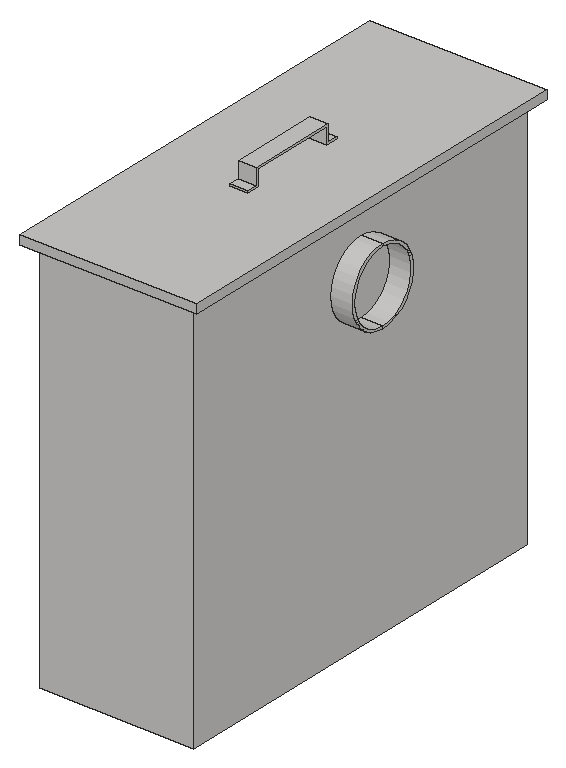
Revit family "Interceptor_Solids-Zurn-Z1183", category Plumbing Fixtures, Revit 2022
Family settings
  Round Connector Dimension = Use Radius
  Part Type = Normal
  OmniClass Number = 23.45.30.00
  OmniClass Title = Washing and Waste Disposal Equipment
  Work Plane-Based = No
  Always vertical = Yes
  Cut with Voids When Loaded = No
  Maintain Annotation Orientation = No
  Shared = No
  Room Calculation Point = No
Parameters (values of type "Load Family Type Catalogue")
  Waste Connection = 1 = 1  # yes
  WFU = 0  # constant formula
  Vent Connection = 1 = 0  # no
  URL = "www.zurn.com"
  Type Comments = "ZS1183-900-75 GPM with 4 Inch Inlet/ outlet."
  Solids Capacity = 1.61 CF
  Product data url = "https://www.bimobject.com/en-us/zurnindustries/product/zurn-z1183"
  Product Page URL = "https://www.zurn.com/products/drainage-interceptors/interceptors/sediments-and-solids-interceptor/z1183"
  Product Installation Sheet URL = "https://files.zurn.com/care-cleaning-install-warranty-sheets/it60-(1).pdf"
  Product Documentation Link = "https://files.zurn.com/spec-sheets/59261.pdf"
  Pipe Size 'A' (Outer Diameter) = 4.250"
  Pipe Size 'A' (Nominal Radius) = [Pipe Size 'A' (Nominal Diameter)] / 2  # 2.000"
  Pipe Size 'A' (Nominal Diameter) = 4.000"
  Pipe Size 'A' (Inner Radius) = [Pipe Size 'A' (Inner Diameter)] / 2  # 2.000"
  Pipe Size 'A' (Outer Radius) = [Pipe Size 'A' (Outer Diameter)] / 2  # 2.125"
  Pipe Size 'A' (Inner Diameter) = 4.000"
  Modified Date = "12/19/25"  # constant formula
  Model = "ZS1183"
  Manufacurer Brand = "Zurn"  # constant formula
  Manufacturer = "Zurn Water, LLC"  # constant formula
  Main Material = Steel - Zurn - Stainless - Type - 304
  HWFU = 0  # constant formula
  HW Connection = 1 = 0  # no
  Flow Rate (GPM) = 75 GPM
  Dim G = 24.500"
  Dim D/ E = 18.500"
  Dim C = 22.750"
  Description = "SOLIDS INTERCEPTOR"  # constant formula
  Default Elevation = 20.000"  # constant formula
  Date Created = "11/13/18"  # constant formula
  CWFU = 0  # constant formula
  CW Connection = 1 = 0  # no
  Assembly Code = "D2090300"
  Approx. Weight (Lbs) = 63.00 lbf
Reference planes (in)
  plane 1 "Center (Front/Back)": y = 0
  plane 2: z = 0
  plane 3 "Center (Left/Right)": x = 0
  plane 4: x = 0
  plane 5: z = 22.75
  plane 6: x = 4.938
  plane 7: x = 4.938
  plane 8: x = -4.938
  plane 9: y = 12.25
  plane 10: y = -12.25
  plane 11: z = 22.25
  plane 12: z = 18.5
  plane 13: z = 20.625
  plane 14: z = 16.375
  plane 15: z = 20.5
  plane 16: z = 16.5
  plane 17: x = -4.313
  plane 18: x = 4.313
  plane 19 "Inlet": x = -5.563
  plane 20 "Outlet": x = 5.563
  plane 21: x = -0.5
  plane 22: x = 0.5
  plane 23: y = -2
  plane 24: y = 2
Forms (in)
  Extrusion 1, solid, material "Steel - Zurn - Stainless - Type - 304" <- "Main Material", detail levels fine
    sketch origin (0, 0, 0) x (1, 0, 0) y (0, 1, 0)
      loop
        line (-4.938, 12.25) -> (-4.938, -12.25) -> (4.938, -12.25) -> (4.938, 12.25) -> (-4.938, 12.25)
    from 0 to 22.75
  Extrusion 2, void
    sketch origin (0, 0, 0) x (1, 0, 0) y (0, 1, 0)
      loop
        line (-4.938, 12.25) -> (-4.938, -12.25) -> (4.938, -12.25) -> (4.938, 12.25) -> (-4.938, 12.25)
      loop
        line (-4.313, 11.625) -> (-4.313, -11.625) -> (4.313, -11.625) -> (4.313, 11.625) -> (-4.313, 11.625)
    from 0 to 22.25
  Revolve 3, solid, material "Steel - Zurn - Stainless - Type - 304" <- "Main Material", detail levels fine
    sketch origin (0, 0, 0) x (1, 0, 0) y (0, 0, 1)
      loop
        line (-5.563, 20.625) -> (-5.563, 20.5) -> (-4.313, 20.5) -> (-4.313, 20.625) -> (-5.563, 20.625)
      loop
        line (4.313, 20.625) -> (4.313, 20.5) -> (5.563, 20.5) -> (5.563, 20.625) -> (4.313, 20.625)
      axis (-5.563, 18.5) -> (5.563, 18.5)
    angle from 0 to 360
  Extrusion 4, solid, material "Steel - Zurn - Stainless - Type - 304" <- "Main Material", detail levels fine
    sketch origin (0, 0, 0) x (0, 1, 0) y (0, 0, 1)
      loop
        line (-3.125, 22.75) -> (-2.4, 22.75) -> (-2.4, 23.65) -> (2.4, 23.65) -> (2.4, 22.75) -> (3.125, 22.75) -> (3.125, 22.85) -> (2.5, 22.85) -> (2.5, 23.75) -> (-2.5, 23.75) -> (-2.5, 22.85) -> (-3.125, 22.85) -> (-3.125, 22.75)
    from -0.5 to 0.5
Cuts and joins
  Extrusion 2 cuts Extrusion 1
Lines and regions (in)
  Masking region 1, detail levels fine
    outline origin (0, 0, 0) x (1, 0, 0) y (0, 1, 0)
      loop
        line (-5.563, 2.125) -> (-5.563, -2.125) -> (-4.938, -2.125) -> (-4.938, -12.25) -> (4.938, -12.25) -> (4.938, -2.125) -> (5.563, -2.125) -> (5.563, 2.125) -> (4.938, 2.125) -> (4.938, 12.25) -> (-4.938, 12.25) -> (-4.938, 2.125) -> (-5.563, 2.125)
  model lines, detail levels coarse+medium
    curve 1: line (-4.938, 0, 22.75) -> (-4.938, 0, 22.25)
    curve 2: line (-4.938, 0, 22.25) -> (-4.313, 0, 22.25)
    curve 3: line (-4.313, 0, 22.25) -> (-4.313, 0, 0)
    curve 4: line (-4.313, 0, 0) -> (4.313, 0, 0)
    curve 5: line (4.313, 0, 0) -> (4.313, 0, 22.25)
    curve 6: line (4.313, 0, 22.25) -> (4.938, 0, 22.25)
    curve 7: line (4.938, 0, 22.25) -> (4.938, 0, 22.75)
    curve 8: line (-5.563, 0, 18.5) -> (-4.313, 0, 18.5)
    curve 9: line (4.313, 0, 18.5) -> (5.563, 0, 18.5)
    curve 10: line (-4.938, 12.25, 22.75) -> (4.938, 12.25, 22.75)
    curve 11: line (-4.938, -12.25, 22.75) -> (-4.938, 12.25, 22.75)
    curve 12: line (4.938, -12.25, 22.75) -> (-4.938, -12.25, 22.75)
    curve 13: line (4.938, 12.25, 22.75) -> (4.938, -12.25, 22.75)
    curve 14: line (-5.563, 0, 20.5) -> (-5.563, 0, 16.5)
    curve 15: line (5.563, 0, 20.5) -> (5.563, 0, 16.5)
    curve 16: line (-5.563, 2, 18.5) -> (-5.563, -2, 18.5)
    curve 17: line (5.563, 2, 18.5) -> (5.563, -2, 18.5)
Dimensions and locks (in)
  "Dim C": plane 5 to level
  equal spacing: plane 8, plane 4, plane 7, locked at 4.938 each
  equal spacing: plane 10, plane 1 "Center (Front/Back)", plane 9
  "Dim G": plane 10 to plane 9
  locked: plane 8 to plane 7 at 9.876
  locked: Extrusion 2 sketch curve to plane 9 at 0.625
  locked: Extrusion 2 sketch curve to plane 7 at 0.625
  locked: plane 8 to Extrusion 2 sketch curve at 0.625
  locked: plane 10 to Extrusion 2 sketch curve at 0.625
  locked: plane 5 to plane 11 at 0.5
  "Dim D/ E": plane 12 to level
  "Pipe Size 'A' (Nominal Radius)": plane 15 to plane 12 to plane 16
  "Pipe Size 'A' (Outer Radius)": plane 13 to plane 12 to plane 14
  locked: plane 17 to plane 8 at 0.625
  locked: plane 7 to plane 18 at 0.625
  locked: plane 8 to plane 19 "Inlet" at 0.625
  locked: plane 20 "Outlet" to plane 7 at 0.625
  locked: Extrusion 4 sketch curve to plane 5 at 1
  locked: Extrusion 4 sketch curve to Extrusion 4 sketch curve at 0.1  (x3)
  equal spacing: Extrusion 4 sketch curve, plane 1 "Center (Front/Back)", Extrusion 4 sketch curve, locked at 2.5 each
  locked: Extrusion 4 sketch curve to Extrusion 4 sketch curve at 5
  locked: Extrusion 4 sketch curve to Extrusion 4 sketch curve at 0.625  (x2)
  "Pipe Size 'A' (Outer Radius)": Masking region 1 sketch curve to plane 1 "Center (Front/Back)" to Masking region 1 sketch curve
  "Pipe Size 'A' (Nominal Radius)": plane 23 to plane 1 "Center (Front/Back)" to plane 24
  locked: Extrusion 4 sketch curve to plane 5 at 0.1
  aligned and locked: plane 2 to level
  aligned and locked: plane 9 to Extrusion 1 sketch curve
  aligned and locked: Extrusion 1 sketch curve to plane 10
  aligned and locked: Extrusion 1 sketch curve to plane 7
  aligned and locked: plane 8 to Extrusion 1 sketch curve
  aligned and locked: plane 5 to Extrusion 1
  aligned and locked: Extrusion 1 to level
  aligned and locked: plane 9 to Extrusion 2 sketch curve
  aligned and locked: Extrusion 2 sketch curve to plane 7
  aligned and locked: plane 8 to Extrusion 2 sketch curve
  aligned and locked: Extrusion 2 sketch curve to plane 10
  aligned and locked: plane 11 to Extrusion 2
  aligned and locked: Extrusion 2 to level
  aligned and locked: Extrusion 1 to plane 2
  aligned and locked: Revolve 3 sketch curve to plane 13  (x2)
  aligned and locked: Revolve 3 sketch curve to plane 17
  aligned and locked: plane 15 to Revolve 3 sketch curve  (x2)
  aligned and locked: plane 18 to Revolve 3 sketch curve
  aligned and locked: Revolve 3 sketch curve to plane 12
  aligned and locked: plane 19 "Inlet" to Revolve 3 sketch curve
  aligned and locked: Revolve 3 sketch curve to plane 20 "Outlet"
  aligned and locked: Extrusion 4 to plane 21
  aligned and locked: plane 22 to Extrusion 4
  aligned and locked: plane 11 to curve 2
  aligned and locked: plane 11 to curve 3
  aligned and locked: curve 3 to plane 17
  aligned and locked: level to curve 4
  aligned and locked: cut or joined group of Extrusion 1, Extrusion 2 to level
  aligned and locked: level to curve 5
  aligned and locked: plane 18 to curve 5
  aligned and locked: plane 17 to curve 4
  aligned and locked: plane 18 to curve 6
  aligned and locked: plane 11 to curve 6
  aligned and locked: plane 7 to curve 7
  aligned and locked: plane 7 to cut or joined group of Extrusion 1, Extrusion 2
  aligned and locked: plane 19 "Inlet" to curve 8
  aligned and locked: curve 8 to plane 12
  aligned and locked: plane 20 "Outlet" to curve 9
  aligned and locked: curve 9 to plane 12
  aligned and locked: plane 8 to curve 11
  aligned and locked: plane 7 to curve 13  (x2)
  aligned and locked: plane 8 to curve 12
  aligned and locked: plane 9 to curve 13
  aligned and locked: plane 9 to curve 11
  aligned and locked: plane 10 to curve 13
  aligned and locked: plane 10 to curve 12
  aligned and locked: plane 10 to cut or joined group of Extrusion 1, Extrusion 2
  aligned and locked: cut or joined group of Extrusion 1, Extrusion 2 to plane 9
  aligned and locked: cut or joined group of Extrusion 1, Extrusion 2 to plane 8
  aligned and locked: plane 15 to curve 14
  aligned and locked: plane 16 to curve 14
  aligned and locked: curve 14 to plane 19 "Inlet"
  aligned and locked: plane 15 to curve 15
  aligned and locked: plane 16 to curve 15
  aligned and locked: curve 15 to plane 20 "Outlet"
  aligned and locked: plane 24 to curve 16
  aligned and locked: plane 23 to curve 16
  aligned and locked: curve 16 to plane 19 "Inlet"
  aligned and locked: plane 24 to curve 17
  aligned and locked: plane 23 to curve 17
  aligned and locked: curve 17 to plane 20 "Outlet"
  aligned and locked: plane 7 to Masking region 1 sketch curve  (x3)
  aligned and locked: plane 8 to Masking region 1 sketch curve  (x3)
  aligned and locked: plane 9 to Masking region 1 sketch curve
  aligned and locked: plane 10 to Masking region 1 sketch curve  (x2)
  aligned and locked: Masking region 1 sketch curve to Masking region 1 sketch curve  (x2)
  aligned and locked: plane 19 "Inlet" to Masking region 1 sketch curve  (x2)
  aligned and locked: plane 20 "Outlet" to Masking region 1 sketch curve  (x2)
  aligned and locked: Extrusion 4 sketch curve to Extrusion 4 sketch curve
Automatic sketch dimensions
  Revolve 3 sketch curve to plane 8 = 23.52702"
  plane 6 to Revolve 3 sketch curve = 23.7799"
  Extrusion 4 sketch curve to plane 5 = 0.000"  (x2)
  curve 2 to plane 8 = 0.000"
  curve 1 to plane 5 = 0.000"
  curve 7 to plane 5 = 0.000"
Connectors (in)
  piping at (5.563, 0, 18.5), diameter 4, driven by "Pipe Size 'A' (Nominal Radius)", driven by "Waste Connection", driven by "Waste Connection"
    settings: on Revolve 3, index 1, connector inside diameter 24", connector length 0.000", flow factor 0, pipe flow 0 GPM, pressure drop 0.00 psi, fitting loss kfactor 0, connector angle 0.00°, fixture units 0, engagement length 0.000", angle of deflection 0.00°, flow configuration 0, flow direction 2, fitting loss method 0, system type 16, joint type 0, gender type 0, connector reference index -1, connector utility 1, adjustable connector yes, is connector primary yes, connector description "Sanitary Outlet"
  piping at (-5.563, 0, 18.5), diameter 4, driven by "Pipe Size 'A' (Nominal Radius)", driven by "Waste Connection", driven by "Waste Connection"
    settings: on Revolve 3, index 2, connector inside diameter 24", connector length 0.000", flow factor 0, pipe flow 0 GPM, pressure drop 0.00 psi, fitting loss kfactor 0, connector angle 0.00°, fixture units 0, engagement length 0.000", angle of deflection 0.00°, flow configuration 0, flow direction 1, fitting loss method 0, system type 16, joint type 0, gender type 0, connector reference index -1, connector utility 1, adjustable connector yes, is connector primary no, connector description "Sanitary Inlet"
Types in the file's own list only (18): name | Type Comments | Solids Capacity | Pipe Size 'A' (Outer Diameter) | Pipe Size 'A' (Nominal Radius) | Pipe Size 'A' (Nominal Diameter) | Pipe Size 'A' (Inner Radius) | Pipe Size 'A' (Outer Radius) | Pipe Size 'A' (Inner Diameter) | Model | Main Material | Flow Rate (GPM) | Dim G | Dim D/ E | Dim C | Default Elevation | Approx. Weight (Lbs)
  Z1183-100-4-2 | "Z1183-100-4 GPM with 2 Inch Inlet/ outlet" | 0.20 ft³ | 2.125 " | 1.000 " | 2.000 " | 1.000 " | 1.063 " | 2.000 " | "Z1183" | Steel - Zurn - A.R.E Coated | 4 GPM | 9.876 " | 7.250 " | 10.000 " | 20.000 " | 18.00 lb
  Z1183-200-7-2 | "Z1183-200-7 GPM with 2 Inch Inlet/ outlet" | 0.29 ft³ | 2.125 " | 1.000 " | 2.000 " | 1.000 " | 1.063 " | 2.000 " | "Z1183" | Steel - Zurn - A.R.E Coated | 7 GPM | 11.875 " | 8.125 " | 11.125 " | 20.000 " | 23.00 lb
  Z1183-300-10-3 | "Z1183-300-10 GPM with 3 Inch Inlet/ outlet" | 0.33 ft³ | 3.125 " | 1.500 " | 3.000 " | 1.500 " | 1.563 " | 3.000 " | "Z1183" | Steel - Zurn - A.R.E Coated | 10 GPM | 14.000 " | 8.250 " | 11.750 " | 20.000 " | 27.00 lb
  Z1183-400-15-3 | "Z1183-400-15 GPM with 3 Inch Inlet/ outlet" | 0.38 ft³ | 3.125 " | 1.500 " | 3.000 " | 1.500 " | 1.563 " | 3.000 " | "Z1183" | Steel - Zurn - A.R.E Coated | 15 GPM | 16.750 " | 9.375 " | 13.375 " | 20.000 " | 33.00 lb
  Z1183-500-20-3 | "Z1183-500-20 GPM with 3 Inch Inlet/ outlet" | 0.66 ft³ | 3.125 " | 1.500 " | 3.000 " | 1.500 " | 1.563 " | 3.000 " | "Z1183" | Steel - Zurn - A.R.E Coated | 20 GPM | 17.250 " | 11.750 " | 15.000 " | 20.000 " | 37.00 lb
  Z1183-600-25-4 | "Z1183-600-25 GPM with 4 Inch Inlet/ outlet" | 0.79 ft³ | 4.250 " | 2.000 " | 4.000 " | 2.000 " | 2.125 " | 4.000 " | "Z1183" | Steel - Zurn - A.R.E Coated | 25 GPM | 19.875 " | 12.438 " | 17.000 " | 20.000 " | 45.00 lb
  Z1183-700-35-4 | "Z1183-700-35 GPM with 4 Inch Inlet/ outlet" | 1.17 ft³ | 4.250 " | 2.000 " | 4.000 " | 2.000 " | 2.125 " | 4.000 " | "Z1183" | Steel - Zurn - A.R.E Coated | 35 GPM | 22.500 " | 14.188 " | 18.750 " | 20.000 " | 53.00 lb
  Z1183-800-50-4 | "Z1183-800-50 GPM with 4 Inch Inlet/ outlet" | 1.35 ft³ | 4.250 " | 2.000 " | 4.000 " | 2.000 " | 2.125 " | 4.000 " | "Z1183" | Steel - Zurn - A.R.E Coated | 50 GPM | 24.500 " | 16.000 " | 21.500 " | 20.000 " | 59.00 lb
  Z1183-900-75-4 | "Z1183-900-75 GPM with 4 Inch Inlet/ outlet" | 1.61 ft³ | 4.250 " | 2.000 " | 4.000 " | 2.000 " | 2.125 " | 4.000 " | "Z1183" | Steel - Zurn - A.R.E Coated | 75 GPM | 24.500 " | 18.500 " | 22.750 " | 20.000 " | 63.00 lb
  ZS1183-100-4-2 | "ZS1183-100-4 GPM with 2 Inch Inlet/ outlet" | 0.20 ft³ | 2.125 " | 1.000 " | 2.000 " | 1.000 " | 1.063 " | 2.000 " | "ZS1183" | Steel - Zurn - Stainless - Type - 304 | 4 GPM | 9.876 " | 7.250 " | 10.000 " | 20.000 " | 18.00 lb
  ZS1183-200-7-2 | "ZS1183-200-7 GPM with 2 Inch Inlet/ outlet" | 0.29 ft³ | 2.125 " | 1.000 " | 2.000 " | 1.000 " | 1.063 " | 2.000 " | "ZS1183" | Steel - Zurn - Stainless - Type - 304 | 7 GPM | 11.875 " | 8.125 " | 11.125 " | 20.000 " | 23.00 lb
  ZS1183-300-10-3 | "ZS1183-300-10 GPM with 3 Inch Inlet/ outlet" | 0.33 ft³ | 3.125 " | 1.500 " | 3.000 " | 1.500 " | 1.563 " | 3.000 " | "ZS1183" | Steel - Zurn - Stainless - Type - 304 | 10 GPM | 14.000 " | 8.250 " | 11.750 " | 20.000 " | 27.00 lb
  ZS1183-400-15-3 | "ZS1183-400-15 GPM with 3 Inch Inlet/ outlet" | 0.38 ft³ | 3.125 " | 1.500 " | 3.000 " | 1.500 " | 1.563 " | 3.000 " | "ZS1183" | Steel - Zurn - Stainless - Type - 304 | 15 GPM | 16.750 " | 9.375 " | 13.375 " | 20.000 " | 33.00 lb
  ZS1183-500-20-3 | "ZS1183-500-20 GPM with 3 Inch Inlet/ outlet" | 0.66 ft³ | 3.125 " | 1.500 " | 3.000 " | 1.500 " | 1.563 " | 3.000 " | "ZS1183" | Steel - Zurn - Stainless - Type - 304 | 20 GPM | 17.250 " | 11.750 " | 15.000 " | 20.000 " | 37.00 lb
  ZS1183-600-25-4 | "ZS1183-600-25 GPM with 4 Inch Inlet/ outlet" | 0.79 ft³ | 4.250 " | 2.000 " | 4.000 " | 2.000 " | 2.125 " | 4.000 " | "ZS1183" | Steel - Zurn - Stainless - Type - 304 | 25 GPM | 19.875 " | 12.438 " | 17.000 " | 20.000 " | 45.00 lb
  ZS1183-700-35-4 | "ZS1183-700-35 GPM with 4 Inch Inlet/ outlet" | 1.17 ft³ | 4.250 " | 2.000 " | 4.000 " | 2.000 " | 2.125 " | 4.000 " | "ZS1183" | Steel - Zurn - Stainless - Type - 304 | 35 GPM | 22.500 " | 14.188 " | 18.750 " | 20.000 " | 53.00 lb
  ZS1183-800-50-4 | "ZS1183-800-50 GPM with 4 Inch Inlet/ outlet" | 1.35 ft³ | 4.250 " | 2.000 " | 4.000 " | 2.000 " | 2.125 " | 4.000 " | "ZS1183" | Steel - Zurn - Stainless - Type - 304 | 50 GPM | 24.500 " | 16.000 " | 21.500 " | 20.000 " | 59.00 lb
  ZS1183-900-75-4 | "ZS1183-900-75 GPM with 4 Inch Inlet/ outlet" | 1.61 ft³ | 4.250 " | 2.000 " | 4.000 " | 2.000 " | 2.125 " | 4.000 " | "ZS1183" | Steel - Zurn - Stainless - Type - 304 | 75 GPM | 24.500 " | 18.500 " | 22.750 " | 20.000 " | 63.00 lb
